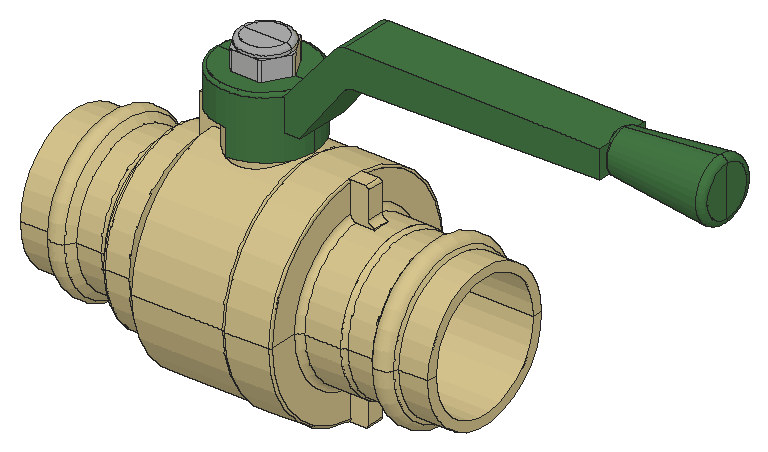
Revit family "QA12110000", category Apparecchi idraulici, Revit 2016
Family settings
  Tipo di parte = Normale
  Quota connettore circolare = Usa diametro
  Numero OmniClass = 23.45.00.00
  Titolo OmniClass = Sanitary, Laundry, and Cleaning Equipment
  Basato su piano di lavoro = No
  Sempre verticale = Sì
  Taglio con vuoti quando caricato = No
  Condiviso = No
  Punto di calcolo locali = No
Parameters
  URL = "https://web.cimberio.it/index.php/figura/1487?subcategoria_id=102"
  Produttore = "CIMBERIO SPA"
  DN Model [instance] = QA12115101 : QA12115101
  DN [instance] = 40 mm
Reference planes
  plane 1 "Centro (Fronte/Retro)": y = 0
  plane 2: z = 0
  plane 3 "Centro (Sinistra/Destra)": x = 0
Dimensions and locks
  aligned and locked: level to plane 2
Nested families
  nested 1: "QA12115101" at (0, 0, 0), type <- "DN Model", type "QA12115101"
    with DN 10 mm
  nested 2: "QA12115101" at (0, 0, 0), type <- "DN Model", type "QA12115101"
    with DN 10 mm
  nested 3: "QA12115101" at (0, 0, 0), type <- "DN Model", type "QA12115101"
    with DN 10 mm
  nested 4: "QA12115101" at (0, 0, 0), type <- "DN Model", type "QA12115101"
    with DN 10 mm
  nested 5: "QA12115101" at (0, 0, 0), type <- "DN Model", type "QA12115101"
    with DN 10 mm
  nested 6: "QA12115101" at (0, 0, 0), type <- "DN Model", type "QA12115101"
    with DN 10 mm
  nested 7: "QA12115101" at (0, 0, 0), type <- "DN Model", type "QA12115101"
    with DN 10 mm
  nested 8: "QA12115101" at (0, 0, 0), type <- "DN Model", type "QA12115101"
    with DN 10 mm
  nested 9: "QA12115101" at (0, 0, 0), type <- "DN Model", type "QA12115101"
    with DN 10 mm
Connectors
  piping at (71.25, 0, 0), diameter 40, driven by "DN"
    settings: on nested 1, index 1, connector inside diameter 609.6 mm, connector length 0 mm, flow factor 0, pipe flow 0.0 L/s, pressure drop 0.0 Pa, fitting loss kfactor 0, connector angle 0.00°, fixture units 0, engagement length 0 mm, angle of deflection 0.00°, flow configuration 0, flow direction 0, fitting loss method 0, system type 7, joint type 0, gender type 0, connector reference index -1, connector utility 0, adjustable connector no, is connector primary yes, connector description ""
  piping at (-61.25, 0, 0), diameter 40, driven by "DN"
    settings: on nested 1, index 2, connector inside diameter 609.6 mm, connector length 0 mm, flow factor 0, pipe flow 0.0 L/s, pressure drop 0.0 Pa, fitting loss kfactor 0, connector angle 0.00°, fixture units 0, engagement length 0 mm, angle of deflection 0.00°, flow configuration 0, flow direction 0, fitting loss method 0, system type 7, joint type 0, gender type 0, connector reference index -1, connector utility 0, adjustable connector no, is connector primary no, connector description ""
Definition of nested family "QA12115101"
  Parameters (values of type "QA12115101")
    DN [instance] = 10 mm  # constant formula
  Reference planes
    plane 1 "Centro (Fronte/Retro)": y = 0
    plane 2: z = 0
    plane 3 "Centro (Sinistra/Destra)": x = 0
  Forms (mm)
    Revolve 1, solid
      sketch origin (0, 0, 0) x (1, 0, 0) y (0, 1, 0)
        loop
          line (-61.25, 20) -> (71.25, 20) -> (71.25, 23) -> (61.511, 23) -> (61.039, 24.297)
          arc (61.039, 24.297) -> (58.358, 26.547) -> (55.069, 25.35) r 3.5
          line (55.069, 25.35) -> (53.097, 23) -> (45.05, 23)
          arc (45.05, 23) -> (44.101, 23.154) -> (43.25, 23.6) r 3
          line (43.25, 23.6) -> (31.75, 23.6)
          arc (31.75, 23.6) -> (30.336, 24.186) -> (29.75, 25.6) r 2
          line (29.75, 25.6) -> (29.75, 34.633)
          arc (29.75, 34.633) -> (29.644, 35.058) -> (29.25, 35.25) r 0.519
          line (29.25, 35.25) -> (15.25, 35.5)
          arc (15.25, 35.5) -> (14.562, 34.983) -> (13.722, 34.8) r 2.019
          line (13.722, 34.8) -> (-15.45, 34.8) -> (-21.25, 29) -> (-28.75, 29)
          arc (-28.75, 29) -> (-29.457, 28.707) -> (-29.75, 28) r 1
          line (-29.75, 28) -> (-29.75, 25.6)
          arc (-29.75, 25.6) -> (-30.336, 24.186) -> (-31.75, 23.6) r 2
          line (-31.75, 23.6) -> (-33.25, 23.6)
          arc (-33.25, 23.6) -> (-34.101, 23.154) -> (-35.05, 23) r 3
          line (-35.05, 23) -> (-43.097, 23) -> (-45.069, 25.35)
          arc (-45.069, 25.35) -> (-48.358, 26.547) -> (-51.039, 24.297) r 3.5
          line (-51.039, 24.297) -> (-51.511, 23) -> (-61.25, 23) -> (-61.25, 20)
        axis (-61.25, 0) -> (71.25, 0)
      angle from 0 to 360
    Extrusion 2, solid
      sketch origin (0, 0, 0) x (1, 0, 0) y (0, 0, 1)
        loop
          line (29.25, 35.216) -> (29.25, 22.582) -> (37.747, 22.582) -> (37.747, 23.559)
          arc (37.747, 23.559) -> (36.335, 24.144) -> (35.75, 25.556) r 1.997
          line (35.75, 25.556) -> (35.75, 34.216)
          arc (35.75, 34.216) -> (35.457, 34.923) -> (34.75, 35.216) r 1
          line (34.75, 35.216) -> (29.25, 35.216)
        loop
          line (29.25, -35.216) -> (34.75, -35.216)
          arc (34.75, -35.216) -> (35.457, -34.923) -> (35.75, -34.216) r 1
          line (35.75, -34.216) -> (35.75, -25.556)
          arc (35.75, -25.556) -> (36.335, -24.144) -> (37.747, -23.559) r 1.997
          line (37.747, -23.559) -> (37.747, -22.582) -> (29.25, -22.582) -> (29.25, -35.216)
      from -2.528 to 2.75
    Revolve 3, solid
      sketch origin (0, 0, 0) x (1, 0, 0) y (0, 0, 1)
        loop
          line (0.056, 47.8) -> (-10, 47.8) -> (-10, 43) -> (-11.388, 43) -> (-11.388, 31.761) -> (0.056, 31.761) -> (0.056, 47.8)
        axis (0.056, 31.761) -> (0.056, 47.8)
      angle from 0 to 360
    Extrusion 4, solid
      sketch origin (0, 0, 0) x (1, 0, 0) y (0, 0, 1)
        loop
          line (-11.388, 43) -> (-20, 43) -> (-20, 28.911) -> (-11.388, 28.911) -> (-11.388, 43)
      from -1.6 to 1.7
    Revolve 5, solid
      sketch origin (0, 0, 0) x (1, 0, 0) y (0, 0, 1)
        loop
          line (0, 54.3) -> (-9.25, 54.3) -> (-9.25, 51.8) -> (0, 51.8) -> (0, 54.3)
        axis (0, 54.3) -> (0, 51.8)
      angle from 0 to 360
    Revolve 6, solid
      sketch origin (0, 0, 1.509) x (1, 0, 0) y (0, 0, 1)
        loop
          line (0, 64.3) -> (0, 62) -> (8.25, 62) -> (8.25, 62.8)
          arc (8.25, 62.8) -> (7.811, 63.861) -> (6.75, 64.3) r 1.5
          line (6.75, 64.3) -> (0, 64.3)
        axis (0, 64.3) -> (0, 62)
      angle from 0 to 360
    Extrusion 7, solid
      sketch origin (0, 0, 30.059) x (1, 0, 0) y (0, 1, 0)
        loop
          line (9.352, 0.6) -> (5.198, 7.795)
          arc (5.198, 7.795) -> (4.756, 8.237) -> (4.152, 8.399) r 1.208
          line (4.152, 8.399) -> (-4.173, 8.399)
          arc (-4.173, 8.399) -> (-4.759, 8.242) -> (-5.187, 7.814) r 1.171
          line (-5.187, 7.814) -> (-9.362, 0.583)
          arc (-9.362, 0.583) -> (-9.518, 0) -> (-9.362, -0.583) r 1.165
          line (-9.362, -0.583) -> (-5.187, -7.813)
          arc (-5.187, -7.813) -> (-4.759, -8.242) -> (-4.173, -8.399) r 1.171
          line (-4.173, -8.399) -> (4.165, -8.399)
          arc (4.165, -8.399) -> (4.757, -8.24) -> (5.191, -7.806) r 1.185
          line (5.191, -7.806) -> (9.352, -0.6)
          arc (9.352, -0.6) -> (9.513, 0) -> (9.352, 0.6) r 1.2
      from 25.75 to 33.45
    Revolve 8, solid
      sketch origin (0, 0, 0) x (1, 0, 0) y (0, 0, 1)
        loop
          arc (-15, 57.309) -> (-15.707, 57.016) -> (-16, 56.309) r 1
          line (-16, 56.309) -> (-16, 37.309) -> (0, 37.309) -> (0, 57.309) -> (-15, 57.309)
        axis (0, 57.309) -> (0, 37.309)
      angle from 0 to 360
    Extrusion 9, solid
      sketch origin (0, 0, 0) x (1, 0, 0) y (0, 0, 1)
        loop
          line (11.993, 54.658) -> (11.993, 45.809) -> (18.275, 45.809) -> (33.421, 65.358)
          arc (33.421, 65.358) -> (34.098, 65.917) -> (34.949, 66.133) r 2
          line (34.949, 66.133) -> (116, 68.309) -> (116, 77.309) -> (32.865, 77.309)
          arc (32.865, 77.309) -> (31.175, 76.935) -> (29.801, 75.88) r 4
          line (29.801, 75.88) -> (11.993, 54.658)
      from -8.992 to 9.008
    Revolve 10, solid
      sketch origin (0, 0, 0) x (1, 0, 0) y (0, 0, 1)
        loop
          line (115.492, 79.233) -> (113.362, 77.102) -> (113.362, 72.809) -> (150, 72.809) -> (150, 80.819)
          arc (150, 80.819) -> (149.345, 82.299) -> (147.808, 82.809) r 2
          line (147.808, 82.809) -> (116.715, 79.809)
          arc (116.715, 79.809) -> (116.053, 79.627) -> (115.492, 79.233) r 2
        axis (113.362, 72.809) -> (150, 72.809)
      angle from 0 to 360
    Extrusion 11, void
      sketch origin (0, 0, 28.55) x (1, 0, 0) y (0, 1, 0)
        loop
          line (-10.954, -1.008) -> (-16.978, -1.008)
          arc (-16.978, -1.008) -> (-11.665, -12.378) -> (0, -17.008) r 17.008
          line (0, -17.008) -> (0, -11)
          arc (0, -11) -> (-7.413, -8.127) -> (-10.954, -1.008) r 11
      from 7.714 to 17.259
  Cuts and joins
    Extrusion 11 cuts Revolve 1
    Extrusion 11 cuts Extrusion 4
    Extrusion 11 cuts Revolve 8
  Dimensions and locks
    aligned and locked: level to plane 2
